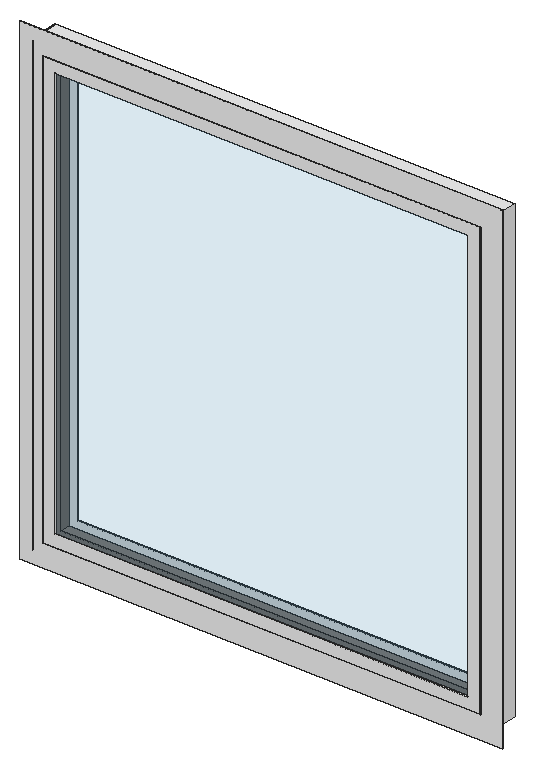
Revit family "Casement_34_D_Side_Hung_Custom", category Windows, host Wall, Revit 2014
Parameters (values of type "Casement_Sash_DG")
  Width Sash [instance] = 30 mm
  Width Sash Inner = 15 mm
  Width Bead = 15 mm
  Top Hung [instance] = yes
  Side Hung Right [instance] = yes
  Side Hung Left [instance] = yes
  Sash Opening Width [instance] = 600 mm
  Sash Opening Height [instance] = 600.312 mm
  Sash Lip = 15 mm
  Glazing Material [instance] = Glass
  DG Start Piece 2 [instance] = DG End Piece 1 + DG Gasket Thickness  # 25 mm
  DG Start Peice 1 [instance] = (Depth Sash - (2 * DG Glazing Thickness) - DG Gasket Thickness) / 2  # 6.6 mm
  Glazing Offset = 5 mm
  DG Glazing Thickness [instance] = 6.4 mm
  DG Gasket Thickness = 12 mm  # constant formula
  DG Gasket Material [instance] = Double Glazing Gasket Material
  DG End Piece 2 [instance] = DG Start Piece 2 + DG Glazing Thickness  # 31.4 mm
  DG End Piece 1 [instance] = DG Start Peice 1 + DG Glazing Thickness  # 13 mm
  Depth Sash [instance] = 38 mm
  Center Vertical Sash [instance] = Sash Opening Height / 2  # 300.156 mm
  Center Horizontal Sash [instance] = Sash Opening Width / 2  # 300 mm
  Bottom Hung [instance] = yes
  Bead Offset = 15 mm
  Aluminium Thickness = 1 mm
  Aluminium Material [instance] = White Powder Coated Aluminium
Reference planes
  plane 1 "Center (Front/Back)": y = 0
  plane 2: z = 0
  plane 3 "Center (Left/Right)": x = 0
Forms (mm)
  Sweep 1, solid, material "White Powder Coated Aluminium" <- "Aluminium Material"
    path origin (16.177, 0, 121.331) x (1, 0, 0) y (0, 0, 1)
      loop
        line (0, 0) -> (600, 0) -> (600, 600.312) -> (0, 600.312) -> (0, 0)
    profile origin (316.177, 0, 121.331) x (0, 0, 1) y (0, -1, 0)
      loop
        line (0, 0) -> (30, 0) -> (30, 1) -> (15, 1) -> (15, 38) -> (-15, 38) -> (-15, 37) -> (0, 37) -> (0, 0)
      loop
        line (14, 1) -> (14, 37) -> (1, 37) -> (1, 1) -> (14, 1)
  Sweep 2, solid, material "White Powder Coated Aluminium" <- "Aluminium Material"
    path origin (0, 0, 0) x (1, 0, 0) y (0, 0, 1)
      loop
        line (31.177, 706.643) -> (31.177, 136.331) -> (601.177, 136.331) -> (601.177, 706.643) -> (31.177, 706.643)
    profile origin (316.177, 0, 706.643) x (0, 0, 1) y (0, -1, 0)
      loop
        line (0, 37) -> (0, 38) -> (-15, 38) -> (-15, 37) -> (0, 37)
  Extrusion 3, solid, material "Glass" <- "Glazing Material"
    sketch origin (0, 0, 0) x (1, 0, 0) y (0, 0, 1)
      loop
        line (36.177, 701.643) -> (36.177, 141.331) -> (596.177, 141.331) -> (596.177, 701.643) -> (36.177, 701.643)
    from 6.6 <- "DG Start Peice 1" to 13 <- "DG End Piece 1"
  Extrusion 4, solid, material "Glass" <- "Glazing Material"
    sketch origin (0, 0, 0) x (1, 0, 0) y (0, 0, 1)
      loop
        line (36.177, 701.643) -> (36.177, 141.331) -> (596.177, 141.331) -> (596.177, 701.643) -> (36.177, 701.643)
    from 31.4 <- "DG End Piece 2" to 25 <- "DG Start Piece 2"
  Sweep 5, solid, material "Double Glazing Gasket Material" <- "DG Gasket Material"
    path origin (0, -13, 0) x (1, 0, 0) y (0, 0, 1)
      loop
        line (36.177, 701.643) -> (36.177, 141.331) -> (596.177, 141.331) -> (596.177, 701.643) -> (36.177, 701.643)
    profile origin (316.177, -13, 701.643) x (0, 0, 1) y (0, -1, 0)
      loop
        line (0, 0) -> (0, 12) -> (-7.96, 12) -> (-7.96, 0) -> (0, 0)
Lines and regions (mm)
  model lines
    curve 1: line (1.177, -38, 736.643) -> (31.177, -38, 706.643)
    curve 2: line (601.177, -38, 706.643) -> (631.177, -38, 736.643)
    curve 3: line (601.177, -38, 136.331) -> (631.177, -38, 106.331)
    curve 4: line (1.177, -38, 106.331) -> (31.177, -38, 136.331)
    curve 5: line (631.177, -37, 736.643) -> (616.177, -37, 721.643)
    curve 6: line (1.177, -37, 736.643) -> (16.177, -37, 721.643)
    curve 7: line (1.177, -37, 106.331) -> (16.177, -37, 121.331)
    curve 8: line (631.177, -37, 106.331) -> (616.177, -37, 121.331)
    curve 9: line (616.177, 0, 121.331) -> (586.177, 0, 151.331)
    curve 10: line (46.177, 0, 151.331) -> (16.177, 0, 121.331)
    curve 11: line (616.177, 0, 721.643) -> (586.177, 0, 691.643)
    curve 12: line (46.177, 0, 691.643) -> (16.177, 0, 721.643)
    curve 13: line (31.177, -38, 691.643) -> (46.177, -38, 691.643)
    curve 14: line (586.177, -38, 691.643) -> (601.177, -38, 691.643)
    curve 15: line (586.177, -38, 151.331) -> (601.177, -38, 151.331)
    curve 16: line (31.177, -38, 151.331) -> (46.177, -38, 151.331)
  model lines, style "GenericModelHiddenLines", visible <- "Top Hung"
    curve 17: line (46.386, -31.4, 690.914) -> (316.177, -31.4, 151.331)
    curve 18: line (316.177, -31.4, 151.331) -> (586.177, -31.4, 691.331)
  model lines, style "GenericModelHiddenLines", visible <- "Bottom Hung"
    curve 19: line (46.177, -31.4, 151.331) -> (316.177, -31.4, 691.331)
    curve 20: line (316.177, -31.4, 691.331) -> (586.177, -31.4, 151.331)
  model lines, style "GenericModelHiddenLines", visible <- "Side Hung Left"
    curve 21: line (46.386, -31.4, 690.914) -> (585.24, -31.4, 421.487)
    curve 22: line (585.24, -31.4, 421.487) -> (46.177, -31.4, 151.331)
  model lines, style "GenericModelHiddenLines", visible <- "Side Hung Right"
    curve 23: line (586.177, -31.4, 691.331) -> (46.177, -31.4, 421.487)
    curve 24: line (46.177, -31.4, 421.487) -> (586.177, -31.4, 151.331)
Dimensions and locks
  "Aluminium Thickness": Sweep 1 sketch curve to Sweep 1 sketch curve  (x4)
  "Depth Sash": Sweep 1 sketch curve to Sweep 1 sketch curve
  "Sash Opening Width": Sweep 1 to Sweep 1
  "Sash Opening Height": Sweep 1 to Sweep 1
  "Width Sash": Sweep 1 sketch curve to Sweep 1 sketch curve  (x2)
  "Width Sash Inner": Sweep 1 sketch curve to Sweep 1 sketch curve
  "Sash Lip": Sweep 1 sketch curve to Sweep 1 sketch curve
  "Aluminium Thickness": Sweep 1 to Sweep 2 sketch curve
  "Glazing Offset": Sweep 2 to Extrusion 3 sketch curve  (x3)
  "Glazing Offset": Extrusion 3 sketch curve to Sweep 2
  Sweep 1 to Sweep 1 = 1 mm
  "Aluminium Thickness": Sweep 2 sketch curve to Sweep 2 sketch curve
  "Width Bead": Sweep 2 sketch curve to Sweep 2 sketch curve
  locked: Sweep 5 sketch curve to Sweep 5 sketch curve at 7.96
  "Center Horizontal Sash": Sweep 1 to curve 18
  "Center Horizontal Sash": Sweep 1 to curve 20
  "Center Vertical Sash": Sweep 1 to curve 22
  "Center Vertical Sash": Sweep 1 to curve 24
  aligned and locked: level to plane 2
  aligned and locked: Sweep 1 sketch curve to Sweep 1 sketch curve  (x2)
  aligned and locked: Sweep 2 sketch curve to Sweep 1  (x5)
  aligned and locked: Extrusion 4 sketch curve to Extrusion 3  (x4)
  aligned and locked: Sweep 5 sketch curve to Extrusion 3  (x5)
  aligned and locked: Extrusion 3 to Sweep 5 sketch curve
Automatic sketch dimensions
  plane 3 "Center (Left/Right)" to Sweep 1 sketch curve = 16.177 mm
  level to Sweep 1 sketch curve = 121.331 mm
  plane 3 "Center (Left/Right)" to Sweep 1 sketch curve = 616.177 mm
  level to Sweep 1 sketch curve = 721.643 mm
  profile plane to Sweep 5 sketch curve = 12 mm
  curve 7 to Sweep 1 = 0 mm  (x4)
  curve 6 to Sweep 1 = 0 mm  (x3)
  Sweep 1 to curve 6 = 0 mm
  curve 5 to Sweep 1 = 0 mm  (x3)
  curve 8 to Sweep 1 = 0 mm  (x4)
  Sweep 1 to curve 5 = 0 mm
  curve 16 to Sweep 2 = 0 mm  (x3)
  curve 13 to Sweep 2 = 0 mm  (x3)
  curve 15 to Sweep 2 = 0 mm
  Sweep 2 to curve 15 = 0 mm  (x2)
  curve 14 to Sweep 2 = 0 mm  (x2)
  Sweep 2 to curve 14 = 0 mm
  curve 1 to Sweep 1 = 0 mm  (x4)
  curve 4 to Sweep 1 = 0 mm  (x3)
  Sweep 1 to curve 4 = 0 mm
  curve 3 to Sweep 1 = 0 mm  (x3)
  curve 2 to Sweep 1 = 0 mm  (x4)
  Sweep 1 to curve 3 = 0 mm
  curve 10 to Sweep 1 = 0 mm  (x4)
  curve 12 to Sweep 1 = 0 mm  (x3)
  Sweep 1 to curve 12 = 0 mm
  curve 9 to Sweep 1 = 0 mm  (x4)
  curve 11 to Sweep 1 = 0 mm  (x3)
  Sweep 1 to curve 11 = 0 mm
  Sweep 1 sketch curve to plane 1 "Center (Front/Back)" = 0 mm
  profile plane to Sweep 1 sketch curve = 0 mm
  curve 21 to Extrusion 4 = 10.208 mm
  curve 19 to Extrusion 4 = 10 mm
  curve 23 to Extrusion 4 = 10 mm  (x2)
  curve 22 to Extrusion 4 = 10.937 mm
  curve 20 to Extrusion 4 = 10 mm
  curve 24 to Extrusion 4 = 10 mm
  curve 22 to Extrusion 4 = 10 mm
  curve 18 to Extrusion 4 = 10 mm
  curve 21 to Extrusion 4 = 10.729 mm
  curve 19 to Extrusion 4 = 10.312 mm
  curve 18 to Extrusion 4 = 10.312 mm
